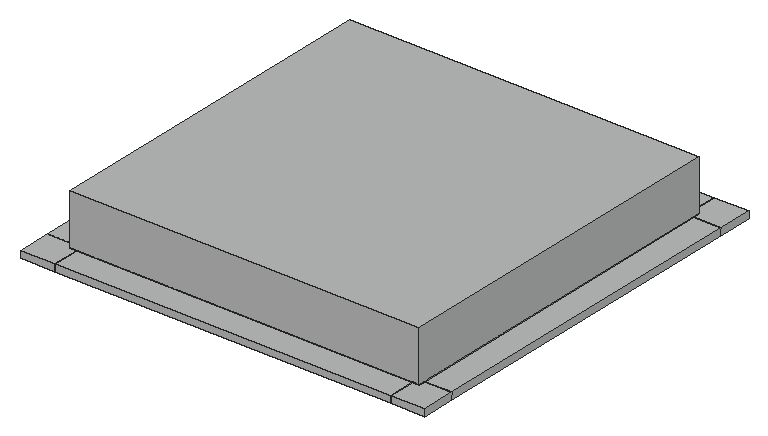
Revit family "ALUMOGIPS", category Осветительные приборы, Revit 2019 (continued)
Types (72, lengths in mm): name | Файл фотометрической сетки | built-in parameter 1150105 | Lumens | built-in parameter 1150106 | built-in parameter 1150142 | Wattage | Emit from Rectangle Width | Emit from Rectangle Length | Длина | Материал светильника | Ширина | ADSK_Ток | ADSK_Полная мощность | ADSK_Обозначение | ADSK_Номинальная мощность | ADSK_Наименование | ADSK_Масса | ADSK_Код изделия
    .380 220.519 181.644 \r\n142.474 107.448 74.296 43.216 15.096 0.592 0.592 0.493 0.493 0.493 0.493 0.493 0.493 0.493 0.493 0.395 0.395 0.395 0.395 0.395 0.395 0.395 0.395 0.296 0.296 0.296 0.296 0.296 0.296 0.296 0.296 0.197 \r\n0.197 0.197 0.197 0.197 0.197 0.197 0.197 0.098 0.098 0.098 0.098 0.098 0.098 0.098 0.098 0.000 0.000 0.000 0.000 \r\n1417.637 1417.736 1414.775 1409.743 1402.146 1391.984 1379.355 1363.568 1345.709 1325.482 1303.283 1278.616 1252.272 1224.054 1193.862 1162.091 1128.940 1094.110 \r\n1058.097 1020.801 982.617 943.052 902.994 861.850 820.410 778.082 735.458 692.637 649.027 605.416 561.608 517.504 474.190 430.383 386.772 343.951 301.918 260.775 220.913 181.941 \r\n142.770 107.743 74.592 43.413 15.293 0.592 0.592 0.493 0.493 0.493 0.493 0.493 0.493 0.493 0.493 0.395 0.395 0.395 0.395 0.395 0.395 0.395 0.395 0.296 0.296 0.296 0.296 0.296 0.296 0.296 0.296 0.197 \r\n0.197 0.197 0.197 0.197 0.197 0.197 0.197 0.098 0.098 0.098 0.098 0.098 0.098 0.098 0.098 0.000 0.000 0.000 0.000 \r\n1417.637 1417.736 1414.874 1409.940 1402.344 1392.181 1379.650 1363.962 1346.104 1325.877 1303.776 1279.109 1252.766 1224.547 1194.454 1162.782 1129.531 1094.702 \r\n1058.788 1021.492 983.308 943.742 903.684 862.540 821.100 778.773 736.148 693.327 649.618 606.107 562.298 518.096 474.782 430.974 387.364 344.444 302.412 261.170 221.308 182.335 \r\n143.165 108.040 74.789 43.611 15.490 0.592 0.592 0.493 0.493 0.493 0.493 0.493 0.493 0.493 0.493 0.395 0.395 0.395 0.395 0.395 0.395 0.395 0.395 0.296 0.296 0.296 0.296 0.296 0.296 0.296 0.296 0.197 \r\n0.197 0.197 0.197 0.197 0.197 0.197 0.197 0.098 0.098 0.098 0.098 0.098 0.098 0.098 0.098 0.000 0.000 0.000 0.000 \r\n1417.637 1417.834 1414.973 1410.138 1402.541 1392.477 1379.946 1364.258 1346.499 1326.272 1304.171 1279.603 1253.259 1225.139 1195.045 1163.374 1130.123 1095.393 \r\n1059.478 1022.183 983.999 944.433 904.375 863.231 821.792 779.464 736.840 693.920 650.309 606.699 562.891 518.787 475.374 431.566 387.857 344.937 302.906 261.663 221.703 182.730 \r\n143.461 108.237 75.085 43.906 15.688 0.592 0.592 0.493 0.493 0.493 0.493 0.493 0.493 0.493 0.493 0.395 0.395 0.395 0.395 0.395 0.395 0.395 0.395 0.296 0.296 0.296 0.296 0.296 0.296 0.296 0.296 0.197 \r\n0.197 0.197 0.197 0.197 0.197 0.197 0.197 0.098 0.098 0.098 0.098 0.098 0.098 0.098 0.098 0.000 0.000 0.000 0.000 \r\n1417.637 1417.834 1415.071 1410.237 1402.837 1392.772 1380.243 1364.653 1346.892 1326.765 1304.664 1280.096 1253.752 1225.730 1195.638 1163.965 1130.814 1095.984 \r\n1060.071 1022.873 984.689 945.124 905.066 863.922 822.482 780.154 737.531 694.610 651.000 607.390 563.581 519.379 475.966 432.059 388.350 345.431 303.300 262.058 222.098 183.026 \r\n143.757 108.533 75.282 44.104 15.983 0.592 0.592 0.493 0.493 0.493 0.493 0.493 0.493 0.493 0.493 0.395 0.395 0.395 0.395 0.395 0.395 0.395 0.395 0.296 0.296 0.296 0.296 0.296 0.296 0.296 0.296 0.197 \r\n0.197 0.197 0.197 0.197 0.197 0.197 0.197 0.098 0.098 0.098 0.098 0.098 0.098 0.098 0.098 0.000 0.000 0.000 0.000 \r\n1417.637 1417.932 1415.170 1410.434 1403.034 1393.069 1380.636 1365.048 1347.287 1327.160 1305.157 1280.589 1254.344 1226.225 1196.230 1164.558 1131.406 1096.675 \r\n1060.761 1023.564 985.380 945.815 905.756 864.613 823.173 780.845 738.221 695.301 651.592 608.080 564.174 519.971 476.558 432.652 388.943 345.924 303.794 262.453 222.492 183.420 \r\n144.151 108.829 75.579 44.301 16.181 0.592 0.592 0.493 0.493 0.493 0.493 0.493 0.493 0.493 0.493 0.395 0.395 0.395 0.395 0.395 0.395 0.395 0.395 0.296 0.296 0.296 0.296 0.296 0.296 0.296 0.296 0.197 \r\n0.197 0.197 0.197 0.197 0.197 0.197 0.197 0.098 0.098 0.098 0.098 0.098 0.098 0.098 0.098 0.000 0.000 0.000 0.000 \r\n1417.637 1417.932 1415.268 1410.533 1403.232 1393.365 1380.933 1365.443 1347.682 1327.555 1305.552 1281.082 1254.837 1226.816 1196.821 1165.150 1131.998 1097.267 \r\n1061.452 1024.254 986.070 946.506 906.447 865.401 823.863 781.535 738.912 695.991 652.282 608.672 564.864 520.563 477.150 433.145 389.436 346.417 304.287 262.946 222.887 183.815 \r\n144.448 109.125 75.874 44.597 16.378 0.592 0.592 0.493 0.493 0.493 0.493 0.493 0.493 0.493 0.493 0.395 0.395 0.395 0.395 0.395 0.395 0.395 0.395 0.296 0.296 0.296 0.296 0.296 0.296 0.296 0.296 0.197 \r\n0.197 0.197 0.197 0.197 0.197 0.197 0.197 0.098 0.098 0.098 0.098 0.098 0.098 0.098 0.098 0.000 0.000 0.000 0.000 \r\n1417.637 1418.031 1415.368 1410.730 1403.527 1393.562 1381.229 1365.738 1348.077 1327.949 1306.045 1281.575 1255.331 1227.310 1197.414 1165.841 1132.689 1097.958 \r\n1062.043 1024.846 986.761 947.196 907.137 866.092 824.554 782.226 739.602 696.683 652.973 609.363 565.456 521.155 477.742 433.737 390.028 346.910 304.681 263.341 223.282 184.111 \r\n144.743 109.421 76.072 44.794 16.576 0.592 0.592 0.493 0.493 0.493 0.493 0.493 0.493 0.493 0.493 0.395 0.395 0.395 0.395 0.395 0.395 0.395 0.395 0.296 0.296 0.296 0.296 0.296 0.296 0.296 0.296 0.197 \r\n0.197 0.197 0.197 0.197 0.197 0.197 0.197 0.098 0.098 0.098 0.098 0.098 0.098 0.098 0.098 0.000 0.000 0.000 0.000 \r\n1417.637 1418.031 1415.466 1410.928 1403.725 1393.858 1381.524 1366.133 1348.472 1328.443 1306.440 1282.070 1255.824 1227.901 1198.006 1166.433 1133.280 1098.550 \r\n1062.735 1025.537 987.451 947.887 907.829 866.784 825.244 782.916 740.293 697.373 653.565 610.053 566.147 521.747 478.334 434.328 390.521 347.404 305.175 263.735 223.677 184.506 \r\n145.039 109.717 76.368 44.992 16.871 0.592 0.592 0.493 0.493 0.493 0.493 0.493 0.493 0.493 0.493 0.395 0.395 0.395 0.395 0.395 0.395 0.395 0.395 0.296 0.296 0.296 0.296 0.296 0.296 0.296 0.296 0.197 \r\n0.197 0.197 0.197 0.197 0.197 0.197 0.197 0.098 0.098 0.098 0.098 0.098 0.098 0.098 0.098 0.000 0.000 0.000 0.000 \r\n1417.637 1418.130 1415.565 1411.026 1403.922 1394.154 1381.919 1366.527 1348.866 1328.837 1306.933 1282.563 1256.416 1228.494 1198.597 1167.024 1133.873 1099.241 \r\n1063.425 1026.228 988.143 948.676 908.519 867.474 825.935 783.608 740.983 698.064 654.256 610.646 566.739 522.438 478.926 434.822 391.014 347.897 305.569 264.229 224.072 184.901 \r\n145.434 110.013 76.565 45.288 17.069 0.592 0.592 0.493 0.493 0.493 0.493 0.493 0.493 0.493 0.493 0.395 0.395 0.395 0.395 0.395 0.395 0.395 0.395 0.296 0.296 0.296 0.296 0.296 0.296 0.296 0.296 0.197 \r\n0.197 0.197 0.197 0.197 0.197 0.197 0.197 0.098 0.098 0.098 0.098 0.098 0.098 0.098 0.098 0.000 0.000 0.000 0.000 \r\n1417.637 1418.130 1415.762 1411.223 1404.218 1394.450 1382.216 1366.824 1349.261 1329.231 1307.427 1283.056 1256.910 1228.987 1199.190 1167.616 1134.563 1099.833 \r\n1064.016 1026.918 988.833 949.367 909.308 868.165 826.625 784.298 741.674 698.656 654.946 611.336 567.430 523.030 479.518 435.414 391.606 348.391 306.063 264.623 224.465 185.196 \r\n145.730 110.309 76.861 45.485 17.266 0.592 0.592 0.493 0.493 0.493 0.493 0.493 0.493 0.493 0.493 0.395 0.395 0.395 0.395 0.395 0.395 0.395 0.395 0.296 0.296 0.296 0.296 0.296 0.296 0.296 0.296 0.197 \r\n0.197 0.197 0.197 0.197 0.197 0.197 0.197 0.098 0.098 0.098 0.098 0.098 0.098 0.098 0.098 0.000 0.000 0.000 0.000 \r\n1417.637 1418.229 1415.861 1411.421 1404.415 1394.746 1382.512 1367.219 1349.656 1329.626 1307.821 1283.549 1257.403 1229.579 1199.782 1168.209 1135.155 1100.523 \r\n1064.708 1027.609 989.425 950.057 909.998 868.855 827.317 784.989 742.365 699.347 655.538 611.928 568.021 523.622 480.110 436.006 392.100 348.884 306.556 265.017 224.860 185.591 \r\n146.026 110.605 77.157 45.781 17.464 0.592 0.592 0.493 0.493 0.493 0.493 0.493 0.493 0.493 0.493 0.395 0.395 0.395 0.395 0.395 0.395 0.395 0.395 0.296 0.296 0.296 0.296 0.296 0.296 0.296 0.296 0.197 \r\n0.197 0.197 0.197 0.197 0.197 0.197 0.197 0.098 0.098 0.098 0.098 0.098 0.098 0.098 0.098 0.000 0.000 0.000 0.000 \r\n1417.637 1418.229 1415.960 1411.519 1404.613 1394.943 1382.807 1367.612 1350.051 1330.119 1308.315 1284.043 1257.896 1230.072 1200.275 1168.899 1135.748 1101.116 \r\n1065.398 1028.300 990.115 950.748 910.689 869.644 828.007 785.679 743.056 700.037 656.229 612.619 568.713 524.214 480.702 436.499 392.593 349.377 306.951 265.511 225.255 185.986 \r\n146.421 110.901 77.355 45.978 17.759 0.592 0.592 0.493 0.493 0.493 0.493 0.493 0.493 0.493 0.493 0.395 0.395 0.395 0.395 0.395 0.395 0.395 0.395 0.296 0.296 0.296 0.296 0.296 0.296 0.296 0.296 0.197 \r\n0.197 0.197 0.197 0.197 0.197 0.197 0.197 0.098 0.098 0.098 0.098 0.098 0.098 0.098 0.098 0.000 0.000 0.000 0.000 \r\n1417.637 1418.327 1416.058 1411.716 1404.810 1395.240 1383.202 1367.909 1350.445 1330.514 1308.808 1284.536 1258.488 1230.664 1200.867 1169.491 1136.339 1101.806 \r\n1066.089 1028.991 990.807 951.438 911.381 870.335 828.698 786.370 743.746 700.728 656.920 613.310 569.304 524.806 481.294 437.091 393.185 349.871 307.444 265.905 225.650 186.381 \r\n146.717 111.197 77.650 46.176 17.957 0.592 0.592 0.493 0.493 0.493 0.493 0.493 0.493 0.493 0.493 0.395 0.395 0.395 0.395 0.395 0.395 0.395 0.395 0.296 0.296 0.296 0.296 0.296 0.296 0.296 0.296 0.197 \r\n0.197 0.197 0.197 0.197 0.197 0.197 0.197 0.098 0.098 0.098 0.098 0.098 0.098 0.098 0.098 0.000 0.000 0.000 0.000 \r\n1417.637 1418.327 1416.156 1411.816 1405.106 1395.535 1383.498 1368.304 1350.839 1330.909 1309.203 1285.029 1258.981 1231.256 1201.459 1170.083 1137.030 1102.398 \r\n1066.680 1029.681 991.497 952.129 912.071 871.026 829.388 787.061 744.437 701.418 657.512 613.901 569.995 525.398 481.886 437.585 393.678 350.364 307.938 266.300 226.044 186.676 \r\n147.012 111.493 77.848 46.472 18.154 0.592 0.592 0.493 0.493 0.493 0.493 0.493 0.493 0.493 0.493 0.395 0.395 0.395 0.395 0.395 0.395 0.395 0.395 0.296 0.296 0.296 0.296 0.296 0.296 0.296 0.296 0.197 \r\n0.197 0.197 0.197 0.197 0.197 0.197 0.197 0.098 0.098 0.098 0.098 0.098 0.098 0.098 0.098 0.000 0.000 0.000 0.000 \r\n1417.637 1418.426 1416.255 1412.013 1405.303 1395.831 1383.794 1368.698 1351.234 1331.304 1309.696 1285.522 1259.474 1231.750 1202.051 1170.675 1137.622 1103.089 \r\n1067.372 1030.273 992.188 952.820 912.762 871.716 830.079 787.751 745.127 702.109 658.202 614.593 570.587 526.088 482.478 438.177 394.171 350.857 308.332 266.793 226.439 187.071 \r\n147.309 111.690 78.144 46.670 18.451 0.592 0.592 0.493 0.493 0.493 0.493 0.493 0.493 0.493 0.493 0.395 0.395 0.395 0.395 0.395 0.395 0.395 0.395 0.296 0.296 0.296 0.296 0.296 0.296 0.296 0.296 0.197 \r\n0.197 0.197 0.197 0.197 0.197 0.197 0.197 0.098 0.098 0.098 0.098 0.098 0.098 0.098 0.098 0.000 0.000 0.000 0.000 \r\n1417.637 1418.426 1416.354 1412.211 1405.501 1396.029 1384.090 1369.093 1351.629 1331.797 1310.189 1286.016 1259.968 1232.341 1202.643 1171.366 1138.214 1103.680 \r\n1068.062 1030.964 992.878 953.511 913.452 872.407 830.770 788.442 745.818 702.799 658.893 615.283 571.179 526.680 483.070 438.769 394.763 351.350 308.826 267.188 226.834 187.466 \r\n147.703 111.987 78.440 46.866 18.648 0.592 0.592 0.493 0.493 0.493 0.493 0.493 0.493 0.493 0.493 0.395 0.395 0.395 0.395 0.395 0.395 0.395 0.395 0.296 0.296 0.296 0.296 0.296 0.296 0.296 0.296 0.197 \r\n0.197 0.197 0.197 0.197 0.197 0.197 0.197 0.098 0.098 0.098 0.098 0.098 0.098 0.098 0.098 0.000 0.000 0.000 0.000 \r\n1417.637 1418.525 1416.453 1412.309 1405.796 1396.325 1384.485 1369.388 1352.024 1332.192 1310.584 1286.509 1260.560 1232.835 1203.235 1171.958 1138.905 1104.371 \r\n1068.654 1031.655 993.569 954.202 914.143 873.098 831.460 789.133 746.410 703.392 659.485 615.874 571.870 527.273 483.662 439.262 395.257 351.844 309.319 267.583 227.229 187.762 \r\n148.000 112.282 78.637 47.163 18.845 0.592 0.592 0.493 0.493 0.493 0.493 0.493 0.493 0.493 0.493 0.395 0.395 0.395 0.395 0.395 0.395 0.395 0.395 0.296 0.296 0.296 0.296 0.296 0.296 0.296 0.296 0.197 \r\n0.197 0.197 0.197 0.197 0.197 0.197 0.197 0.098 0.098 0.098 0.098 0.098 0.098 0.098 0.098 0.000 0.000 0.000 0.000 \r\n1417.637 1418.525 1416.551 1412.506 1405.994 1396.621 1384.781 1369.783 1352.419 1332.587 1311.077 1287.003 1261.053 1233.427 1203.827 1172.549 1139.497 1104.963 \r\n1069.345 1032.345 994.260 954.892 914.932 873.887 832.152 789.824 747.101 704.082 660.176 616.565 572.462 527.864 484.254 439.855 395.849 352.337 309.714 268.076 227.722 188.157 \r\n148.295 112.578 78.933 47.360 19.042 0.592 0.592 0.493 0.493 0.493 0.493 0.493 0.493 0.493 0.493 0.395 0.395 0.395 0.395 0.395 0.395 0.395 0.395 0.296 0.296 0.296 0.296 0.296 0.296 0.296 0.296 0.197 \r\n0.197 0.197 0.197 0.197 0.197 0.197 0.197 0.098 0.098 0.098 0.098 0.098 0.098 0.098 0.098 0.000 0.000 0.000 0.000 \r\n1417.637 1418.525 1416.453 1412.309 1405.796 1396.325 1384.485 1369.388 1352.024 1332.192 1310.584 1286.509 1260.560 1232.835 1203.235 1171.958 1138.905 1104.371 \r\n1068.654 1031.655 993.569 954.202 914.143 873.098 831.460 789.133 746.410 703.392 659.485 615.874 571.870 527.273 483.662 439.262 395.257 351.844 309.319 267.583 227.229 187.762 \r\n148.000 112.282 78.637 47.163 18.845 0.592 0.592 0.493 0.493 0.493 0.493 0.493 0.493 0.493 0.493 0.395 0.395 0.395 0.395 0.395 0.395 0.395 0.395 0.296 0.296 0.296 0.296 0.296 0.296 0.296 0.296 0.197 \r\n0.197 0.197 0.197 0.197 0.197 0.197 0.197 0.098 0.098 0.098 0.098 0.098 0.098 0.098 0.098 0.000 0.000 0.000 0.000 \r\n1417.637 1418.426 1416.354 1412.211 1405.501 1396.029 1384.090 1369.093 1351.629 1331.797 1310.189 1286.016 1259.968 1232.341 1202.643 1171.366 1138.214 1103.680 \r\n1068.062 1030.964 992.878 953.511 913.452 872.407 830.770 788.442 745.818 702.799 658.893 615.283 571.179 526.680 483.070 438.769 394.763 351.350 308.826 267.188 226.834 187.466 \r\n147.703 111.987 78.440 46.866 18.648 0.592 0.592 0.493 0.493 0.493 0.493 0.493 0.493 0.493 0.493 0.395 0.395 0.395 0.395 0.395 0.395 0.395 0.395 0.296 0.296 0.296 0.296 0.296 0.296 0.296 0.296 0.197 \r\n0.197 0.197 0.197 0.197 0.197 0.197 0.197 0.098 0.098 0.098 0.098 0.098 0.098 0.098 0.098 0.000 0.000 0.000 0.000 \r\n1417.637 1418.426 1416.255 1412.013 1405.303 1395.831 1383.794 1368.698 1351.234 1331.304 1309.696 1285.522 1259.474 1231.750 1202.051 1170.675 1137.622 1103.089 \r\n1067.372 1030.273 992.188 952.820 912.762 871.716 830.079 787.751 745.127 702.109 658.202 614.593 570.587 526.088 482.478 438.177 394.171 350.857 308.332 266.793 226.439 187.071 \r\n147.309 111.690 78.144 46.670 18.451 0.592 0.592 0.493 0.493 0.493 0.493 0.493 0.493 0.493 0.493 0.395 0.395 0.395 0.395 0.395 0.395 0.395 0.395 0.296 0.296 0.296 0.296 0.296 0.296 0.296 0.296 0.197 \r\n0.197 0.197 0.197 0.197 0.197 0.197 0.197 0.098 0.098 0.098 0.098 0.098 0.098 0.098 0.098 0.000 0.000 0.000 0.000 \r\n1417.637 1418.327 1416.156 1411.816 1405.106 1395.535 1383.498 1368.304 1350.839 1330.909 1309.203 1285.029 1258.981 1231.256 1201.459 1170.083 1137.030 1102.398 \r\n1066.680 1029.681 991.497 952.129 912.071 871.026 829.388 787.061 744.437 701.418 657.512 613.901 569.995 525.398 481.886 437.585 393.678 350.364 307.938 266.300 226.044 186.676 \r\n147.012 111.493 77.848 46.472 18.154 0.592 0.592 0.493 0.493 0.493 0.493 0.493 0.493 0.493 0.493 0.395 0.395 0.395 0.395 0.395 0.395 0.395 0.395 0.296 0.296 0.296 0.296 0.296 0.296 0.296 0.296 0.197 \r\n0.197 0.197 0.197 0.197 0.197 0.197 0.197 0.098 0.098 0.098 0.098 0.098 0.098 0.098 0.098 0.000 0.000 0.000 0.000 \r\n1417.637 1418.327 1416.058 1411.716 1404.810 1395.240 1383.202 1367.909 1350.445 1330.514 1308.808 1284.536 1258.488 1230.664 1200.867 1169.491 1136.339 1101.806 \r\n1066.089 1028.991 990.807 951.438 911.381 870.335 828.698 786.370 743.746 700.728 656.920 613.310 569.304 524.806 481.294 437.091 393.185 349.871 307.444 265.905 225.650 186.381 \r\n146.717 111.197 77.650 46.176 17.957 0.592 0.592 0.493 0.493 0.493 0.493 0.493 0.493 0.493 0.493 0.395 0.395 0.395 0.395 0.395 0.395 0.395 0.395 0.296 0.296 0.296 0.296 0.296 0.296 0.296 0.296 0.197 \r\n0.197 0.197 0.197 0.197 0.197 0.197 0.197 0.098 0.098 0.098 0.098 0.098 0.098 0.098 0.098 0.000 0.000 0.000 0.000 \r\n1417.637 1418.229 1415.960 1411.519 1404.613 1394.943 1382.807 1367.612 1350.051 1330.119 1308.315 1284.043 1257.896 1230.072 1200.275 1168.899 1135.748 1101.116 \r\n1065.398 1028.300 990.115 950.748 910.689 869.644 828.007 785.679 743.056 700.037 656.229 612.619 568.713 524.214 480.702 436.499 392.593 349.377 306.951 265.511 225.255 185.986 \r\n146.421 110.901 77.355 45.978 17.759 0.592 0.592 0.493 0.493 0.493 0.493 0.493 0.493 0.493 0.493 0.395 0.395 0.39
